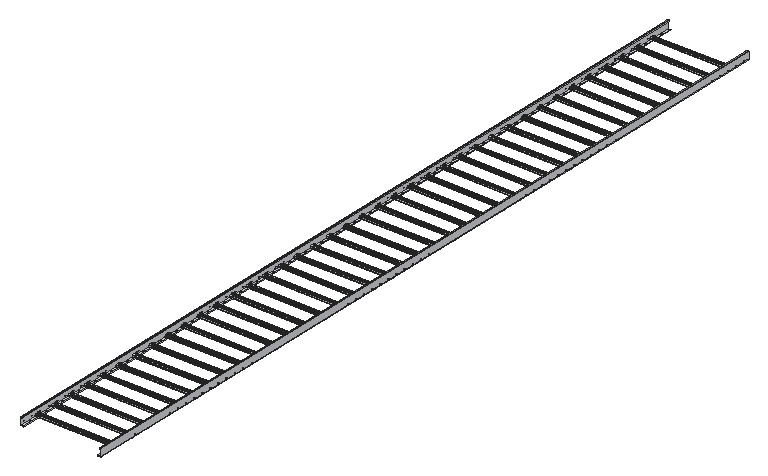
Revit family "Kabelleiter LG 60, 6 m VS FT", category Generic Models, Revit 2017 (continued)
Dimensions and locks
  locked: plane 268 to Extrusion 52 sketch curve at 0
  locked: plane 270 to Extrusion 53 sketch curve at 4.5
  locked: plane 270 to Extrusion 53 sketch curve at 0
  locked: plane 272 to Extrusion 54 sketch curve at 4.5
  locked: plane 272 to Extrusion 54 sketch curve at 0
  locked: plane 274 to Extrusion 55 sketch curve at 4.5
  locked: plane 274 to Extrusion 55 sketch curve at 0
  locked: plane 276 to Extrusion 56 sketch curve at 4.5
  locked: plane 276 to Extrusion 56 sketch curve at 0
  locked: plane 278 to Extrusion 57 sketch curve at 4.5
  locked: plane 278 to Extrusion 57 sketch curve at 0
  locked: plane 280 to Extrusion 58 sketch curve at 4.5
  locked: plane 280 to Extrusion 58 sketch curve at 0
  locked: plane 282 to Extrusion 59 sketch curve at 4.5
  locked: plane 282 to Extrusion 59 sketch curve at 0
  locked: plane 284 to Extrusion 60 sketch curve at 4.5
  locked: plane 284 to Extrusion 60 sketch curve at 0
  locked: plane 286 to Extrusion 61 sketch curve at 4.5
  locked: plane 286 to Extrusion 61 sketch curve at 0
  locked: plane 288 to Extrusion 62 sketch curve at 4.5
  locked: plane 288 to Extrusion 62 sketch curve at 0
  locked: plane 290 to Extrusion 63 sketch curve at 4.5
  locked: plane 290 to Extrusion 63 sketch curve at 0
  locked: plane 292 to Extrusion 64 sketch curve at 4.5
  locked: plane 292 to Extrusion 64 sketch curve at 0
  locked: plane 294 to Extrusion 65 sketch curve at 4.5
  locked: plane 294 to Extrusion 65 sketch curve at 0
  locked: plane 296 to Extrusion 66 sketch curve at 4.5
  locked: plane 296 to Extrusion 66 sketch curve at 0
  locked: plane 298 to Extrusion 67 sketch curve at 4.5
  locked: plane 298 to Extrusion 67 sketch curve at 0
  locked: plane 300 to Extrusion 68 sketch curve at 4.5
  locked: plane 300 to Extrusion 68 sketch curve at 0
  locked: plane 302 to Extrusion 69 sketch curve at 4.5
  locked: plane 302 to Extrusion 69 sketch curve at 0
  locked: plane 304 to Extrusion 70 sketch curve at 4.5
  locked: plane 304 to Extrusion 70 sketch curve at 0
  locked: plane 306 to Extrusion 71 sketch curve at 4.5
  locked: plane 306 to Extrusion 71 sketch curve at 0
  locked: plane 308 to Extrusion 72 sketch curve at 4.5
  locked: plane 308 to Extrusion 72 sketch curve at 0
  locked: plane 310 to Extrusion 73 sketch curve at 4.5
  locked: plane 310 to Extrusion 73 sketch curve at 0
  locked: plane 312 to Extrusion 74 sketch curve at 4.5
  locked: plane 312 to Extrusion 74 sketch curve at 0
  locked: plane 314 to Extrusion 75 sketch curve at 4.5
  locked: plane 314 to Extrusion 75 sketch curve at 0
  locked: plane 316 to Extrusion 76 sketch curve at 4.5
  locked: plane 316 to Extrusion 76 sketch curve at 0
  locked: plane 318 to Extrusion 77 sketch curve at 4.5
  locked: plane 318 to Extrusion 77 sketch curve at 0
  locked: plane 320 to Extrusion 78 sketch curve at 4.5
  locked: plane 320 to Extrusion 78 sketch curve at 0
  locked: plane 322 to Extrusion 79 sketch curve at 4.5
  locked: plane 322 to Extrusion 79 sketch curve at 0
  locked: plane 324 to Extrusion 80 sketch curve at 4.5
  locked: plane 324 to Extrusion 80 sketch curve at 0
  locked: plane 326 to Extrusion 81 sketch curve at 4.5
  locked: plane 326 to Extrusion 81 sketch curve at 0
  locked: plane 327 to plane 328 at 16.5
  locked: plane 330 to Extrusion 82 sketch curve at 4.5
  locked: plane 330 to Extrusion 82 sketch curve at 0
  group 77 to group 78 = 567.045 mm
  group 77 to group 78 = 0 mm  (x2)
  locked: plane 332 to Extrusion 83 sketch curve at 4.5
  locked: plane 332 to Extrusion 83 sketch curve at 0
  group 39 to group 79 = 567.045 mm
  group 39 to group 79 = 0 mm  (x2)
  locked: plane 334 to Extrusion 84 sketch curve at 4.5
  locked: plane 334 to Extrusion 84 sketch curve at 0
  group 40 to group 80 = 567.045 mm
  group 40 to group 80 = 0 mm  (x2)
  locked: plane 336 to Extrusion 85 sketch curve at 4.5
  locked: plane 336 to Extrusion 85 sketch curve at 0
  group 41 to group 81 = 567.045 mm
  group 41 to group 81 = 0 mm  (x2)
  locked: plane 338 to Extrusion 86 sketch curve at 4.5
  locked: plane 338 to Extrusion 86 sketch curve at 0
  group 42 to group 82 = 567.045 mm
  group 42 to group 82 = 0 mm  (x2)
  locked: plane 340 to Extrusion 87 sketch curve at 4.5
  locked: plane 340 to Extrusion 87 sketch curve at 0
  group 43 to group 83 = 567.045 mm
  group 43 to group 83 = 0 mm  (x2)
  locked: plane 342 to Extrusion 88 sketch curve at 4.5
  locked: plane 342 to Extrusion 88 sketch curve at 0
  group 44 to group 84 = 567.045 mm
  group 44 to group 84 = 0 mm  (x2)
  locked: plane 344 to Extrusion 89 sketch curve at 4.5
  locked: plane 344 to Extrusion 89 sketch curve at 0
  group 45 to group 85 = 567.045 mm
  group 45 to group 85 = 0 mm  (x2)
  locked: plane 346 to Extrusion 90 sketch curve at 4.5
  locked: plane 346 to Extrusion 90 sketch curve at 0
  group 46 to group 86 = 567.045 mm
  group 46 to group 86 = 0 mm  (x2)
  locked: plane 348 to Extrusion 91 sketch curve at 4.5
  locked: plane 348 to Extrusion 91 sketch curve at 0
  group 47 to group 87 = 567.045 mm
  group 47 to group 87 = 0 mm  (x2)
  locked: plane 350 to Extrusion 92 sketch curve at 4.5
  locked: plane 350 to Extrusion 92 sketch curve at 0
  group 48 to group 88 = 567.045 mm
  group 48 to group 88 = 0 mm  (x2)
  locked: plane 352 to Extrusion 93 sketch curve at 4.5
  locked: plane 352 to Extrusion 93 sketch curve at 0
  group 49 to group 89 = 567.045 mm
  group 49 to group 89 = 0 mm  (x2)
  locked: plane 354 to Extrusion 94 sketch curve at 4.5
  locked: plane 354 to Extrusion 94 sketch curve at 0
  group 50 to group 90 = 567.045 mm
  group 50 to group 90 = 0 mm  (x2)
  locked: plane 356 to Extrusion 95 sketch curve at 4.5
  locked: plane 356 to Extrusion 95 sketch curve at 0
  group 51 to group 91 = 568.545 mm
  group 51 to group 91 = 0 mm  (x2)
  locked: plane 358 to Extrusion 96 sketch curve at 4.5
  locked: plane 358 to Extrusion 96 sketch curve at 0
  locked: plane 360 to Extrusion 97 sketch curve at 4.5
  locked: plane 360 to Extrusion 97 sketch curve at 0
  locked: plane 362 to Extrusion 98 sketch curve at 4.5
  locked: plane 362 to Extrusion 98 sketch curve at 0
  locked: plane 364 to Extrusion 99 sketch curve at 4.5
  locked: plane 364 to Extrusion 99 sketch curve at 0
  locked: plane 366 to Extrusion 100 sketch curve at 4.5
  locked: plane 366 to Extrusion 100 sketch curve at 0
  locked: plane 368 to Extrusion 101 sketch curve at 4.5
  locked: plane 368 to Extrusion 101 sketch curve at 0
  locked: plane 370 to Extrusion 102 sketch curve at 4.5
  locked: plane 370 to Extrusion 102 sketch curve at 0
  locked: plane 372 to Extrusion 103 sketch curve at 4.5
  locked: plane 372 to Extrusion 103 sketch curve at 0
  locked: plane 374 to Extrusion 104 sketch curve at 4.5
  locked: plane 374 to Extrusion 104 sketch curve at 0
  locked: plane 376 to Extrusion 105 sketch curve at 4.5
  locked: plane 376 to Extrusion 105 sketch curve at 0
  locked: plane 378 to Extrusion 106 sketch curve at 4.5
  locked: plane 378 to Extrusion 106 sketch curve at 0
  group 92 to group 104 = 566.995 mm
  group 92 to group 104 = 0 mm  (x2)
  locked: plane 380 to Extrusion 107 sketch curve at 4.5
  locked: plane 380 to Extrusion 107 sketch curve at 0
  locked: plane 382 to Extrusion 108 sketch curve at 4.5
  locked: plane 382 to Extrusion 108 sketch curve at 0
  locked: plane 384 to Extrusion 109 sketch curve at 4.5
  locked: plane 384 to Extrusion 109 sketch curve at 0
  locked: plane 386 to Extrusion 110 sketch curve at 4.5
  locked: plane 386 to Extrusion 110 sketch curve at 0
  locked: plane 388 to Extrusion 111 sketch curve at 4.5
  locked: plane 388 to Extrusion 111 sketch curve at 0
  locked: plane 390 to Extrusion 112 sketch curve at 4.5
  locked: plane 390 to Extrusion 112 sketch curve at 0
  locked: plane 392 to Extrusion 113 sketch curve at 4.5
  locked: plane 392 to Extrusion 113 sketch curve at 0
  locked: plane 394 to Extrusion 114 sketch curve at 4.5
  locked: plane 394 to Extrusion 114 sketch curve at 0
  locked: plane 396 to Extrusion 115 sketch curve at 4.5
  locked: plane 396 to Extrusion 115 sketch curve at 0
  locked: plane 398 to Extrusion 116 sketch curve at 4.5
  locked: plane 398 to Extrusion 116 sketch curve at 0
  locked: plane 400 to Extrusion 117 sketch curve at 4.5
  locked: plane 400 to Extrusion 117 sketch curve at 0
  locked: plane 402 to Extrusion 118 sketch curve at 4.5
  locked: plane 402 to Extrusion 118 sketch curve at 0
  locked: plane 404 to Extrusion 119 sketch curve at 4.5
  locked: plane 404 to Extrusion 119 sketch curve at 0
  locked: plane 406 to Extrusion 120 sketch curve at 4.5
  locked: plane 406 to Extrusion 120 sketch curve at 0
  locked: plane 408 to Extrusion 121 sketch curve at 4.5
  locked: plane 408 to Extrusion 121 sketch curve at 0
  group 105 to group 121 = 567.045 mm
  group 105 to group 121 = 0 mm  (x2)
  locked: Extrusion 122 sketch curve to Extrusion 122 sketch curve at 28
  locked: Extrusion 122 sketch curve to plane 409 at 14
  locked: Extrusion 122 sketch curve to Extrusion 122 sketch curve at 9
  locked: plane 410 to Extrusion 122 sketch curve at 4.5
  locked: Extrusion 123 sketch curve to Extrusion 123 sketch curve at 28
  locked: Extrusion 123 sketch curve to plane 411 at 14
  locked: Extrusion 123 sketch curve to Extrusion 123 sketch curve at 9
  locked: plane 412 to Extrusion 123 sketch curve at 4.5
  equal spacing: group 122, group 123, group 124, group 125, group 126, group 127, group 128, group 129, group 130, group 131, group 132, group 133, group 134, group 135, group 136, group 137, group 138, group 139, group 140, group 141, group 142, group 143, group 144, group 145, group 146, group 147, group 148, group 149, group 150, group 151, group 152, group 153, group 154, group 155, group 156, group 157, group 158, group 159, group 160, group 161, group 162, group 163, group 164, group 165, group 166, group 167, group 168, group 169, group 170, group 171, group 172, group 173, group 174, group 175, group 176, group 177, group 178, group 179, group 180, group 181, group 182, group 183, group 184, group 185, group 186, group 187, group 188, group 189, group 190, group 191, group 192, group 193, group 194, group 195, group 196, group 197, group 198, group 199, group 200, group 201  (x3)
  locked: cut or joined group 1 (Extrusion 1, Extrusion 41, Extrusion 42, Extrusion 43, Extrusion 44, Extrusion 45, Extrusion 46, Extrusion 47, Extrusion 48, Extrusion 49, Extrusion 50, Extrusion 51, Extrusion 52, Extrusion 53, Extrusion 54, Extrusion 55, Extrusion 56, Extrusion 57, Extrusion 58, Extrusion 59, Extrusion 60, Extrusion 61, Extrusion 62, Extrusion 63, Extrusion 64, Extrusion 65, Extrusion 66, Extrusion 67, Extrusion 68, Extrusion 69, Extrusion 70, Extrusion 71, Extrusion 72, Extrusion 73, Extrusion 74, Extrusion 75, Extrusion 76, Extrusion 77, Extrusion 78, Extrusion 79, Extrusion 80, Extrusion 81, Extrusion 82, Extrusion 83, Extrusion 84, Extrusion 85, Extrusion 86, Extrusion 87, Extrusion 88, Extrusion 89, Extrusion 90, Extrusion 91, Extrusion 92, Extrusion 93, Extrusion 94, Extrusion 95, Extrusion 97, Extrusion 98, Extrusion 99, Extrusion 100, Extrusion 101, Extrusion 102, Extrusion 103, Extrusion 104, Extrusion 105, Extrusion 106, Extrusion 107, Extrusion 108, Extrusion 109, Extrusion 110, Extrusion 111, Extrusion 112, Extrusion 113, Extrusion 114, Extrusion 115, Extrusion 116, Extrusion 117, Extrusion 118, Extrusion 119, Extrusion 120, Extrusion 121, Extrusion 122, Extrusion 123, Extrusion 124, Extrusion 125, Extrusion 126, Extrusion 127, Extrusion 128, Extrusion 129, Extrusion 130, Extrusion 131, Extrusion 132, Extrusion 133, Extrusion 134, Extrusion 135, Extrusion 136, Extrusion 137, Extrusion 138, Extrusion 139, Extrusion 140, Extrusion 141, Extrusion 142, Extrusion 143, Extrusion 144, Extrusion 145, Extrusion 146, Extrusion 147, Extrusion 148, Extrusion 149, Extrusion 150, Extrusion 151, Extrusion 152, Extrusion 153, Extrusion 154, Extrusion 155, Extrusion 156, Extrusion 157, Extrusion 158, Extrusion 159, Extrusion 160, Extrusion 161, Extrusion 162, Extrusion 163, Extrusion 164, Extrusion 165, Extrusion 166, Extrusion 167, Extrusion 168, Extrusion 169, Extrusion 170, Extrusion 171, Extrusion 172, Extrusion 173, Extrusion 174, Extrusion 175, Extrusion 176, Extrusion 177, Extrusion 178, Extrusion 179, Extrusion 180, Extrusion 181, Extrusion 182, Extrusion 183, Extrusion 184, Extrusion 185, Extrusion 186, Extrusion 187, Extrusion 188, Extrusion 189, Extrusion 190, Extrusion 191, Extrusion 192, Extrusion 193, Extrusion 194, Extrusion 195, Extrusion 196, Extrusion 197, Extrusion 198, Extrusion 199, Extrusion 200, Extrusion 201, Extrusion 202, Extrusion 203, Extrusion 204, Extrusion 205, Extrusion 206, Extrusion 207, Extrusion 208, Extrusion 209, Extrusion 210, Extrusion 211, Extrusion 212, Extrusion 213, Extrusion 214, Extrusion 215, Extrusion 216, Extrusion 217, Extrusion 218, Extrusion 219, Extrusion 220, Extrusion 221, Extrusion 222, Extrusion 223, Extrusion 224, Extrusion 225, Extrusion 226, Extrusion 227, Extrusion 228, Extrusion 229, Extrusion 230, Extrusion 231, Extrusion 232, Extrusion 233, Extrusion 234, Extrusion 235, Extrusion 236, Extrusion 237, Extrusion 238, Extrusion 239, Extrusion 240, Extrusion 241, Extrusion 242, Extrusion 243, Extrusion 244, Extrusion 245, Extrusion 246, Extrusion 247, Extrusion 248, Extrusion 249, Extrusion 250, Extrusion 251, Extrusion 252, Extrusion 253, Extrusion 254, Extrusion 255, Extrusion 256, Extrusion 257, Extrusion 258, Extrusion 259, Extrusion 260, Extrusion 261, Extrusion 262, Extrusion 263, Extrusion 264, Extrusion 265, Extrusion 266, Extrusion 267, Extrusion 268, Extrusion 269, Extrusion 270, Extrusion 271, Extrusion 272, Extrusion 273, Extrusion 274, Extrusion 275, Extrusion 276, Extrusion 277, Extrusion 278, Extrusion 279, Extrusion 280, Extrusion 281) to cut or joined group 1 at 47
  locked: cut or joined group 1 to cut or joined group 1 at 8
  locked: Extrusion 124 sketch curve to Extrusion 124 sketch curve at 28
  locked: Extrusion 124 sketch curve to plane 413 at 14
  locked: Extrusion 124 sketch curve to Extrusion 124 sketch curve at 9
  locked: plane 414 to Extrusion 124 sketch curve at 4.5
  locked: Extrusion 125 sketch curve to Extrusion 125 sketch curve at 28
  locked: Extrusion 125 sketch curve to plane 415 at 14
  locked: Extrusion 125 sketch curve to Extrusion 125 sketch curve at 9
  locked: plane 416 to Extrusion 125 sketch curve at 4.5
  locked: Extrusion 126 sketch curve to Extrusion 126 sketch curve at 28
  locked: Extrusion 126 sketch curve to plane 417 at 14
  locked: Extrusion 126 sketch curve to Extrusion 126 sketch curve at 9
  locked: plane 418 to Extrusion 126 sketch curve at 4.5
  locked: Extrusion 127 sketch curve to Extrusion 127 sketch curve at 28
  locked: Extrusion 127 sketch curve to plane 419 at 14
  locked: Extrusion 127 sketch curve to Extrusion 127 sketch curve at 9
  locked: plane 420 to Extrusion 127 sketch curve at 4.5
  locked: Extrusion 128 sketch curve to Extrusion 128 sketch curve at 28
  locked: Extrusion 128 sketch curve to plane 421 at 14
  locked: Extrusion 128 sketch curve to Extrusion 128 sketch curve at 9
  locked: plane 422 to Extrusion 128 sketch curve at 4.5
  locked: Extrusion 129 sketch curve to Extrusion 129 sketch curve at 28
  locked: Extrusion 129 sketch curve to plane 423 at 14
  locked: Extrusion 129 sketch curve to Extrusion 129 sketch curve at 9
  locked: plane 424 to Extrusion 129 sketch curve at 4.5
  locked: Extrusion 130 sketch curve to Extrusion 130 sketch curve at 28
  locked: Extrusion 130 sketch curve to plane 425 at 14
  locked: Extrusion 130 sketch curve to Extrusion 130 sketch curve at 9
  locked: plane 426 to Extrusion 130 sketch curve at 4.5
  locked: Extrusion 131 sketch curve to Extrusion 131 sketch curve at 28
  locked: Extrusion 131 sketch curve to plane 427 at 14
  locked: Extrusion 131 sketch curve to Extrusion 131 sketch curve at 9
  locked: plane 428 to Extrusion 131 sketch curve at 4.5
  locked: Extrusion 132 sketch curve to Extrusion 132 sketch curve at 28
  locked: Extrusion 132 sketch curve to plane 429 at 14
  locked: Extrusion 132 sketch curve to Extrusion 132 sketch curve at 9
  locked: plane 430 to Extrusion 132 sketch curve at 4.5
  locked: Extrusion 133 sketch curve to Extrusion 133 sketch curve at 28
  locked: Extrusion 133 sketch curve to plane 431 at 14
  locked: Extrusion 133 sketch curve to Extrusion 133 sketch curve at 9
  locked: plane 432 to Extrusion 133 sketch curve at 4.5
  locked: Extrusion 134 sketch curve to Extrusion 134 sketch curve at 28
  locked: Extrusion 134 sketch curve to plane 433 at 14
  locked: Extrusion 134 sketch curve to Extrusion 134 sketch curve at 9
  locked: plane 434 to Extrusion 134 sketch curve at 4.5
  locked: Extrusion 135 sketch curve to Extrusion 135 sketch curve at 28
  locked: Extrusion 135 sketch curve to plane 435 at 14
  locked: Extrusion 135 sketch curve to Extrusion 135 sketch curve at 9
  locked: plane 436 to Extrusion 135 sketch curve at 4.5
  locked: Extrusion 136 sketch curve to Extrusion 136 sketch curve at 28
  locked: Extrusion 136 sketch curve to plane 437 at 14
  locked: Extrusion 136 sketch curve to Extrusion 136 sketch curve at 9
  locked: plane 438 to Extrusion 136 sketch curve at 4.5
  locked: Extrusion 137 sketch curve to Extrusion 137 sketch curve at 28
  locked: Extrusion 137 sketch curve to plane 439 at 14
  locked: Extrusion 137 sketch curve to Extrusion 137 sketch curve at 9
  locked: plane 440 to Extrusion 137 sketch curve at 4.5
  locked: Extrusion 138 sketch curve to Extrusion 138 sketch curve at 28
  locked: Extrusion 138 sketch curve to plane 441 at 14
  locked: Extrusion 138 sketch curve to Extrusion 138 sketch curve at 9
  locked: plane 442 to Extrusion 138 sketch curve at 4.5
  locked: Extrusion 139 sketch curve to Extrusion 139 sketch curve at 28
  locked: Extrusion 139 sketch curve to plane 443 at 14
  locked: Extrusion 139 sketch curve to Extrusion 139 sketch curve at 9
  locked: plane 444 to Extrusion 139 sketch curve at 4.5
  locked: Extrusion 140 sketch curve to Extrusion 140 sketch curve at 28
  locked: Extrusion 140 sketch curve to plane 445 at 14
  locked: Extrusion 140 sketch curve to Extrusion 140 sketch curve at 9
  locked: plane 446 to Extrusion 140 sketch curve at 4.5
  locked: Extrusion 141 sketch curve to Extrusion 141 sketch curve at 28
  locked: Extrusion 141 sketch curve to plane 447 at 14
  locked: Extrusion 141 sketch curve to Extrusion 141 sketch curve at 9
  locked: plane 448 to Extrusion 141 sketch curve at 4.5
  locked: Extrusion 142 sketch curve to Extrusion 142 sketch curve at 28
  locked: Extrusion 142 sketch curve to plane 449 at 14
  locked: Extrusion 142 sketch curve to Extrusion 142 sketch curve at 9
  locked: plane 450 to Extrusion 142 sketch curve at 4.5
  locked: Extrusion 143 sketch curve to Extrusion 143 sketch curve at 28
  locked: Extrusion 143 sketch curve to plane 451 at 14
  locked: Extrusion 143 sketch curve to Extrusion 143 sketch curve at 9
  locked: plane 452 to Extrusion 143 sketch curve at 4.5
  locked: Extrusion 144 sketch curve to Extrusion 144 sketch curve at 28
  locked: Extrusion 144 sketch curve to plane 453 at 14
  locked: Extrusion 144 sketch curve to Extrusion 144 sketch curve at 9
  locked: plane 454 to Extrusion 144 sketch curve at 4.5
  locked: Extrusion 145 sketch curve to Extrusion 145 sketch curve at 28
  locked: Extrusion 145 sketch curve to plane 455 at 14
  locked: Extrusion 145 sketch curve to Extrusion 145 sketch curve at 9
  locked: plane 456 to Extrusion 145 sketch curve at 4.5
  locked: Extrusion 146 sketch curve to Extrusion 146 sketch curve at 28
  locked: Extrusion 146 sketch curve to plane 457 at 14
  locked: Extrusion 146 sketch curve to Extrusion 146 sketch curve at 9
  locked: plane 458 to Extrusion 146 sketch curve at 4.5
  locked: Extrusion 147 sketch curve to Extrusion 147 sketch curve at 28
  locked: Extrusion 147 sketch curve to plane 459 at 14
  locked: Extrusion 147 sketch curve to Extrusion 147 sketch curve at 9
  locked: plane 460 to Extrusion 147 sketch curve at 4.5
  locked: Extrusion 148 sketch curve to Extrusion 148 sketch curve at 28
  locked: Extrusion 148 sketch curve to plane 461 at 14
  locked: Extrusion 148 sketch curve to Extrusion 148 sketch curve at 9
  locked: plane 462 to Extrusion 148 sketch curve at 4.5
  locked: Extrusion 149 sketch curve to Extrusion 149 sketch curve at 28
  locked: Extrusion 149 sketch curve to plane 463 at 14
  locked: Extrusion 149 sketch curve to Extrusion 149 sketch curve at 9
  locked: plane 464 to Extrusion 149 sketch curve at 4.5
  locked: Extrusion 150 sketch curve to Extrusion 150 sketch curve at 28
  locked: Extrusion 150 sketch curve to plane 465 at 14
  locked: Extrusion 150 sketch curve to Extrusion 150 sketch curve at 9
  locked: plane 466 to Extrusion 150 sketch curve at 4.5
  locked: Extrusion 151 sketch curve to Extrusion 151 sketch curve at 28
  locked: Extrusion 151 sketch curve to plane 467 at 14
  locked: Extrusion 151 sketch curve to Extrusion 151 sketch curve at 9
  locked: plane 468 to Extrusion 151 sketch curve at 4.5
  locked: Extrusion 152 sketch curve to Extrusion 152 sketch curve at 28
  locked: Extrusion 152 sketch curve to plane 469 at 14
  locked: Extrusion 152 sketch curve to Extrusion 152 sketch curve at 9
  locked: plane 470 to Extrusion 152 sketch curve at 4.5
  locked: Extrusion 153 sketch curve to Extrusion 153 sketch curve at 28
  locked: Extrusion 153 sketch curve to plane 471 at 14
  locked: Extrusion 153 sketch curve to Extrusion 153 sketch curve at 9
  locked: plane 472 to Extrusion 153 sketch curve at 4.5
  locked: Extrusion 154 sketch curve to Extrusion 154 sketch curve at 28
  locked: Extrusion 154 sketch curve to plane 473 at 14
  locked: Extrusion 154 sketch curve to Extrusion 154 sketch curve at 9
  locked: plane 474 to Extrusion 154 sketch curve at 4.5
  locked: Extrusion 155 sketch curve to Extrusion 155 sketch curve at 28
  locked: Extrusion 155 sketch curve to plane 475 at 14
  locked: Extrusion 155 sketch curve to Extrusion 155 sketch curve at 9
  locked: plane 476 to Extrusion 155 sketch curve at 4.5
  locked: Extrusion 156 sketch curve to Extrusion 156 sketch curve at 28
  locked: Extrusion 156 sketch curve to plane 477 at 14
  locked: Extrusion 156 sketch curve to Extrusion 156 sketch curve at 9
  locked: plane 478 to Extrusion 156 sketch curve at 4.5
  locked: Extrusion 157 sketch curve to Extrusion 157 sketch curve at 28
  locked: Extrusion 157 sketch curve to plane 479 at 14
  locked: Extrusion 157 sketch curve to Extrusion 157 sketch curve at 9
  locked: plane 480 to Extrusion 157 sketch curve at 4.5
  locked: Extrusion 158 sketch curve to Extrusion 158 sketch curve at 28
  locked: Extrusion 158 sketch curve to plane 481 at 14
  locked: Extrusion 158 sketch curve to Extrusion 158 sketch curve at 9
  locked: plane 482 to Extrusion 158 sketch curve at 4.5
  locked: Extrusion 159 sketch curve to Extrusion 159 sketch curve at 28
  locked: Extrusion 159 sketch curve to plane 483 at 14
  locked: Extrusion 159 sketch curve to Extrusion 159 sketch curve at 9
  locked: plane 484 to Extrusion 159 sketch curve at 4.5
  locked: Extrusion 160 sketch curve to Extrusion 160 sketch curve at 28
  locked: Extrusion 160 sketch curve to plane 485 at 14
  locked: Extrusion 160 sketch curve to Extrusion 160 sketch curve at 9
  locked: plane 486 to Extrusion 160 sketch curve at 4.5
  locked: Extrusion 161 sketch curve to Extrusion 161 sketch curve at 28
  locked: Extrusion 161 sketch curve to plane 487 at 14
  locked: Extrusion 161 sketch curve to Extrusion 161 sketch curve at 9
  locked: plane 488 to Extrusion 161 sketch curve at 4.5
  locked: Extrusion 162 sketch curve to Extrusion 162 sketch curve at 28
  locked: Extrusion 162 sketch curve to plane 489 at 14
  locked: Extrusion 162 sketch curve to Extrusion 162 sketch curve at 9
  locked: plane 490 to Extrusion 162 sketch curve at 4.5
  locked: Extrusion 163 sketch curve to Extrusion 163 sketch curve at 28
  locked: Extrusion 163 sketch curve to plane 491 at 14
  locked: Extrusion 163 sketch curve to Extrusion 163 sketch curve at 9
  locked: plane 492 to Extrusion 163 sketch curve at 4.5
  locked: Extrusion 164 sketch curve to Extrusion 164 sketch curve at 28
  locked: Extrusion 164 sketch curve to plane 493 at 14
  locked: Extrusion 164 sketch curve to Extrusion 164 sketch curve at 9
  locked: plane 494 to Extrusion 164 sketch curve at 4.5
  locked: Extrusion 165 sketch curve to Extrusion 165 sketch curve at 28
  locked: Extrusion 165 sketch curve to plane 495 at 14
  locked: Extrusion 165 sketch curve to Extrusion 165 sketch curve at 9
  locked: plane 496 to Extrusion 165 sketch curve at 4.5
  locked: Extrusion 166 sketch curve to Extrusion 166 sketch curve at 28
  locked: Extrusion 166 sketch curve to plane 497 at 14
  locked: Extrusion 166 sketch curve to Extrusion 166 sketch curve at 9
  locked: plane 498 to Extrusion 166 sketch curve at 4.5
  locked: Extrusion 167 sketch curve to Extrusion 167 sketch curve at 28
  locked: Extrusion 167 sketch curve to plane 499 at 14
  locked: Extrusion 167 sketch curve to Extrusion 167 sketch curve at 9
  locked: plane 500 to Extrusion 167 sketch curve at 4.5
  locked: Extrusion 168 sketch curve to Extrusion 168 sketch curve at 28
  locked: Extrusion 168 sketch curve to plane 501 at 14
  locked: Extrusion 168 sketch curve to Extrusion 168 sketch curve at 9
  locked: plane 502 to Extrusion 168 sketch curve at 4.5
  locked: Extrusion 169 sketch curve to Extrusion 169 sketch curve at 28
  locked: Extrusion 169 sketch curve to plane 503 at 14
  locked: Extrusion 169 sketch curve to Extrusion 169 sketch curve at 9
  locked: plane 504 to Extrusion 169 sketch curve at 4.5
  locked: Extrusion 170 sketch curve to Extrusion 170 sketch curve at 28
  locked: Extrusion 170 sketch curve to plane 505 at 14
  locked: Extrusion 170 sketch curve to Extrusion 170 sketch curve at 9
  locked: plane 506 to Extrusion 170 sketch curve at 4.5
  locked: Extrusion 171 sketch curve to Extrusion 171 sketch curve at 28
  locked: Extrusion 171 sketch curve to plane 507 at 14
  locked: Extrusion 171 sketch curve to Extrusion 171 sketch curve at 9
  locked: plane 508 to Extrusion 171 sketch curve at 4.5
  locked: Extrusion 172 sketch curve to Extrusion 172 sketch curve at 28
  locked: Extrusion 172 sketch curve to plane 509 at 14
  locked: Extrusion 172 sketch curve to Extrusion 172 sketch curve at 9
  locked: plane 510 to Extrusion 172 sketch curve at 4.5
  locked: Extrusion 173 sketch curve to Extrusion 173 sketch curve at 28
  locked: Extrusion 173 sketch curve to plane 511 at 14
  locked: Extrusion 173 sketch curve to Extrusion 173 sketch curve at 9
  locked: plane 512 to Extrusion 173 sketch curve at 4.5
  locked: Extrusion 174 sketch curve to Extrusion 174 sketch curve at 28
  locked: Extrusion 174 sketch curve to plane 513 at 14
  locked: Extrusion 174 sketch curve to Extrusion 174 sketch curve at 9
  locked: plane 514 to Extrusion 174 sketch curve at 4.5
  locked: Extrusion 175 sketch curve to Extrusion 175 sketch curve at 28
  locked: Extrusion 175 sketch curve to plane 515 at 14
  locked: Extrusion 175 sketch curve to Extrusion 175 sketch curve at 9
  locked: plane 516 to Extrusion 175 sketch curve at 4.5
  locked: Extrusion 176 sketch curve to Extrusion 176 sketch curve at 28
  locked: Extrusion 176 sketch curve to plane 517 at 14
  locked: Extrusion 176 sketch curve to Extrusion 176 sketch curve at 9
  locked: plane 518 to Extrusion 176 sketch curve at 4.5
  locked: Extrusion 177 sketch curve to Extrusion 177 sketch curve at 28
  locked: Extrusion 177 sketch curve to plane 519 at 14
  locked: Extrusion 177 sketch curve to Extrusion 177 sketch curve at 9
  locked: plane 520 to Extrusion 177 sketch curve at 4.5
  locked: Extrusion 178 sketch curve to Extrusion 178 sketch curve at 28
  locked: Extrusion 178 sketch curve to plane 521 at 14
  locked: Extrusion 178 sketch curve to Extrusion 178 sketch curve at 9
  locked: plane 522 to Extrusion 178 sketch curve at 4.5
  locked: Extrusion 179 sketch curve to Extrusion 179 sketch curve at 28
  locked: Extrusion 179 sketch curve to plane 523 at 14
  locked: Extrusion 179 sketch curve to Extrusion 179 sketch curve at 9
  locked: plane 524 to Extrusion 179 sketch curve at 4.5
  locked: Extrusion 180 sketch curve to Extrusion 180 sketch curve at 28
  locked: Extrusion 180 sketch curve to plane 525 at 14
  locked: Extrusion 180 sketch curve to Extrusion 180 sketch curve at 9
  locked: plane 526 to Extrusion 180 sketch curve at 4.5
  locked: Extrusion 181 sketch curve to Extrusion 181 sketch curve at 28
  locked: Extrusion 181 sketch curve to plane 527 at 14
  locked: Extrusion 181 sketch curve to Extrusion 181 sketch curve at 9
  locked: plane 528 to Extrusion 181 sketch curve at 4.5
  locked: Extrusion 182 sketch curve to Extrusion 182 sketch curve at 28
  locked: Extrusion 182 sketch curve to plane 529 at 14
  locked: Extrusion 182 sketch curve to Extrusion 182 sketch curve at 9
  locked: plane 530 to Extrusion 182 sketch curve at 4.5
  locked: Extrusion 183 sketch curve to Extrusion 183 sketch curve at 28
  locked: Extrusion 183 sketch curve to plane 531 at 14
  locked: Extrusion 183 sketch curve to Extrusion 183 sketch curve at 9
  locked: plane 532 to Extrusion 183 sketch curve at 4.5
  locked: Extrusion 184 sketch curve to Extrusion 184 sketch curve at 28
  locked: Extrusion 184 sketch curve to plane 533 at 14
  locked: Extrusion 184 sketch curve to Extrusion 184 sketch curve at 9
  locked: plane 534 to Extrusion 184 sketch curve at 4.5
  locked: Extrusion 185 sketch curve to Extrusion 185 sketch curve at 28
  locked: Extrusion 185 sketch curve to plane 535 at 14
  locked: Extrusion 185 sketch curve to Extrusion 185 sketch curve at 9
  locked: plane 536 to Extrusion 185 sketch curve at 4.5
  locked: Extrusion 186 sketch curve to Extrusion 186 sketch curve at 28
  locked: Extrusion 186 sketch curve to plane 537 at 14
  locked: Extrusion 186 sketch curve to Extrusion 186 sketch curve at 9
  locked: plane 538 to Extrusion 186 sketch curve at 4.5
  locked: Extrusion 187 sketch curve to Extrusion 187 sketch curve at 28
  locked: Extrusion 187 sketch curve to plane 539 at 14
  locked: Extrusion 187 sketch curve to Extrusion 187 sketch curve at 9
  locked: plane 540 to Extrusion 187 sketch curve at 4.5
  locked: Extrusion 188 sketch curve to Extrusion 188 sketch curve at 28
  locked: Extrusion 188 sketch curve to plane 541 at 14
  locked: Extrusion 188 sketch curve to Extrusion 188 sketch curve at 9
  locked: plane 542 to Extrusion 188 sketch curve at 4.5
  locked: Extrusion 189 sketch curve to Extrusion 189 sketch curve at 28
  locked: Extrusion 189 sketch curve to plane 543 at 14
  locked: Extrusion 189 sketch curve to Extrusion 189 sketch curve at 9
  locked: plane 544 to Extrusion 189 sketch curve at 4.5
  locked: Extrusion 190 sketch curve to Extrusion 190 sketch curve at 28
  locked: Extrusion 190 sketch curve to plane 545 at 14
  locked: Extrusion 190 sketch curve to Extrusion 190 sketch curve at 9
  locked: plane 546 to Extrusion 190 sketch curve at 4.5
  locked: Extrusion 191 sketch curve to Extrusion 191 sketch curve at 28
  locked: Extrusion 191 sketch curve to plane 547 at 14
  locked: Extrusion 191 sketch curve to Extrusion 191 sketch curve at 9
  locked: plane 548 to Extrusion 191 sketch curve at 4.5
  locked: Extrusion 192 sketch curve to Extrusion 192 sketch curve at 28
  locked: Extrusion 192 sketch curve to plane 549 at 14
  locked: Extrusion 192 sketch curve to Extrusion 192 sketch curve at 9
  locked: plane 550 to Extrusion 192 sketch curve at 4.5
  locked: Extrusion 193 sketch curve to Extrusion 193 sketch curve at 28
  locked: Extrusion 193 sketch curve to plane 551 at 14
  locked: Extrusion 193 sketch curve to Extrusion 193 sketch curve at 9
  locked: plane 552 to Extrusion 193 sketch curve at 4.5
  locked: Extrusion 194 sketch curve to Extrusion 194 sketch curve at 28
  locked: Extrusion 194 sketch curve to plane 553 at 14
  locked: Extrusion 194 sketch curve to Extrusion 194 sketch curve at 9
  locked: plane 554 to Extrusion 194 sketch curve at 4.5
  locked: Extrusion 195 sketch curve to Extrusion 195 sketch curve at 28
  locked: Extrusion 195 sketch curve to plane 555 at 14
  locked: Extrusion 195 sketch curve to Extrusion 195 sketch curve at 9
  locked: plane 556 to Extrusion 195 sketch curve at 4.5
  locked: Extrusion 196 sketch curve to Extrusion 196 sketch curve at 28
  locked: Extrusion 196 sketch curve to plane 557 at 14
  locked: Extrusion 196 sketch curve to Extrusion 196 sketch curve at 9
  locked: plane 558 to Extrusion 196 sketch curve at 4.5
  locked: Extrusion 197 sketch curve to Extrusion 197 sketch curve at 28
  locked: Extrusion 197 sketch curve to plane 559 at 14
  locked: Extrusion 197 sketch curve to Extrusion 197 sketch curve at 9
  locked: plane 560 to Extrusion 197 sketch curve at 4.5
  locked: Extrusion 198 sketch curve to Extrusion 198 sketch curve at 28
  locked: Extrusion 198 sketch curve to plane 561 at 14
  locked: Extrusion 198 sketch curve to Extrusion 198 sketch curve at 9
  locked: plane 562 to Extrusion 198 sketch curve at 4.5
  locked: Extrusion 199 sketch curve to Extrusion 199 sketch curve at 28
  locked: Extrusion 199 sketch curve to plane 563 at 14
  locked: Extrusion 199 sketch curve to Extrusion 199 sketch curve at 9
  locked: plane 564 to Extrusion 199 sketch curve at 4.5
  locked: Extrusion 200 sketch curve to Extrusion 200 sketch curve at 28
  locked: Extrusion 200 sketch curve to plane 565 at 14
  locked: Extrusion 200 sketch curve to Extrusion 200 sketch curve at 9
  locked: plane 566 to Extrusion 200 sketch curve at 4.5
  locked: Extrusion 201 sketch curve to Extrusion 201 sketch curve at 28
  locked: Extrusion 201 sketch curve to plane 567 at 14
  locked: Extrusion 201 sketch curve to Extrusion 201 sketch curve at 9
  locked: plane 568 to Extrusion 201 sketch curve at 4.5
  locked: Extrusion 202 sketch curve to Extrusion 202 sketch curve at 9
  locked: plane 569 to Extrusion 202 sketch curve at 4.527
  locked: Extrusion 202 sketch curve to Extrusion 202 sketch curve at 28
  locked: Extrusion 202 sketch curve to plane 570 at 14
  locked: Extrusion 203 sketch curve to Extrusion 203 sketch curve at 9
  locked: plane 571 to Extrusion 203 sketch curve at 4.527
  locked: Extrusion 203 sketch curve to Extrusion 203 sketch curve at 28
  locked: Extrusion 203 sketch curve to plane 572 at 14
  equal spacing: group 202, group 203, group 204, group 205, group 206, group 207, group 208, group 209, group 210, group 211, group 212, group 213, group 214, group 215, group 216, group 217, group 218, group 219, group 220, group 221, group 222, group 223, group 224, group 225, group 226, group 227, group 228, group 229, group 230, group 231, group 232, group 233, group 234, group 235, group 236, group 237, group 238, group 239, group 240, group 241, group 242, group 243, group 244, group 245, group 246, group 247, group 248, group 249, group 250, group 251, group 252, group 253, group 254, group 255, group 256, group 257, group 258, group 259, group 260, group 261, group 262, group 263, group 264, group 265, group 266, group 267, group 268, group 269, group 270, group 271, group 272, group 273, group 274, group 275, group 276, group 277, group 278, group 279, group 280, group 281  (x3)
  locked: Extrusion 204 sketch curve to Extrusion 204 sketch curve at 9
  locked: plane 573 to Extrusion 204 sketch curve at 4.527
  locked: Extrusion 204 sketch curve to Extrusion 204 sketch curve at 28
  locked: Extrusion 204 sketch curve to plane 574 at 14
  locked: Extrusion 205 sketch curve to Extrusion 205 sketch curve at 9
  locked: plane 575 to Extrusion 205 sketch curve at 4.527
  locked: Extrusion 205 sketch curve to Extrusion 205 sketch curve at 28
  locked: Extrusion 205 sketch curve to plane 576 at 14
  locked: Extrusion 206 sketch curve to Extrusion 206 sketch curve at 9
  locked: plane 577 to Extrusion 206 sketch curve at 4.527
  locked: Extrusion 206 sketch curve to Extrusion 206 sketch curve at 28
  locked: Extrusion 206 sketch curve to plane 578 at 14
  locked: Extrusion 207 sketch curve to Extrusion 207 sketch curve at 9
  locked: plane 579 to Extrusion 207 sketch curve at 4.527
  locked: Extrusion 207 sketch curve to Extrusion 207 sketch curve at 28
  locked: Extrusion 207 sketch curve to plane 580 at 14
  locked: Extrusion 208 sketch curve to Extrusion 208 sketch curve at 9
  locked: plane 581 to Extrusion 208 sketch curve at 4.527
  locked: Extrusion 208 sketch curve to Extrusion 208 sketch curve at 28
  locked: Extrusion 208 sketch curve to plane 582 at 14
  locked: Extrusion 209 sketch curve to Extrusion 209 sketch curve at 9
  locked: plane 583 to Extrusion 209 sketch curve at 4.527
  locked: Extrusion 209 sketch curve to Extrusion 209 sketch curve at 28
  locked: Extrusion 209 sketch curve to plane 584 at 14
  locked: Extrusion 210 sketch curve to Extrusion 210 sketch curve at 9
  locked: plane 585 to Extrusion 210 sketch curve at 4.527
  locked: Extrusion 210 sketch curve to Extrusion 210 sketch curve at 28
  locked: Extrusion 210 sketch curve to plane 586 at 14
  locked: Extrusion 211 sketch curve to Extrusion 211 sketch curve at 9
  locked: plane 587 to Extrusion 211 sketch curve at 4.527
  locked: Extrusion 211 sketch curve to Extrusion 211 sketch curve at 28
  locked: Extrusion 211 sketch curve to plane 588 at 14
  locked: Extrusion 212 sketch curve to Extrusion 212 sketch curve at 9
  locked: plane 589 to Extrusion 212 sketch curve at 4.527
  locked: Extrusion 212 sketch curve to Extrusion 212 sketch curve at 28
  locked: Extrusion 212 sketch curve to plane 590 at 14
  locked: Extrusion 213 sketch curve to Extrusion 213 sketch curve at 9
  locked: plane 591 to Extrusion 213 sketch curve at 4.527
  locked: Extrusion 213 sketch curve to Extrusion 213 sketch curve at 28
  locked: Extrusion 213 sketch curve to plane 592 at 14
  locked: Extrusion 214 sketch curve to Extrusion 214 sketch curve at 9
  locked: plane 593 to Extrusion 214 sketch curve at 4.527
  locked: Extrusion 214 sketch curve to Extrusion 214 sketch curve at 28
  locked: Extrusion 214 sketch curve to plane 594 at 14
  locked: Extrusion 215 sketch curve to Extrusion 215 sketch curve at 9
  locked: plane 595 to Extrusion 215 sketch curve at 4.527
  locked: Extrusion 215 sketch curve to Extrusion 215 sketch curve at 28
  locked: Extrusion 215 sketch curve to plane 596 at 14
  locked: Extrusion 216 sketch curve to Extrusion 216 sketch curve at 9
  locked: plane 597 to Extrusion 216 sketch curve at 4.527
  locked: Extrusion 216 sketch curve to Extrusion 216 sketch curve at 28
  locked: Extrusion 216 sketch curve to plane 598 at 14
  locked: Extrusion 217 sketch curve to Extrusion 217 sketch curve at 9
  locked: plane 599 to Extrusion 217 sketch curve at 4.527
  locked: Extrusion 217 sketch curve to Extrusion 217 sketch curve at 28
  locked: Extrusion 217 sketch curve to plane 600 at 14
  locked: Extrusion 218 sketch curve to Extrusion 218 sketch curve at 9
  locked: plane 601 to Extrusion 218 sketch curve at 4.527
  locked: Extrusion 218 sketch curve to Extrusion 218 sketch curve at 28
  locked: Extrusion 218 sketch curve to plane 602 at 14
  locked: Extrusion 219 sketch curve to Extrusion 219 sketch curve at 9
  locked: plane 603 to Extrusion 219 sketch curve at 4.527
  locked: Extrusion 219 sketch curve to Extrusion 219 sketch curve at 28
  locked: Extrusion 219 sketch curve to plane 604 at 14
  locked: Extrusion 220 sketch curve to Extrusion 220 sketch curve at 9
  locked: plane 605 to Extrusion 220 sketch curve at 4.527
  locked: Extrusion 220 sketch curve to Extrusion 220 sketch curve at 28
  locked: Extrusion 220 sketch curve to plane 606 at 14
  locked: Extrusion 221 sketch curve to Extrusion 221 sketch curve at 9
  locked: plane 607 to Extrusion 221 sketch curve at 4.527
  locked: Extrusion 221 sketch curve to Extrusion 221 sketch curve at 28
  locked: Extrusion 221 sketch curve to plane 608 at 14
  locked: Extrusion 222 sketch curve to Extrusion 222 sketch curve at 9
  locked: plane 609 to Extrusion 222 sketch curve at 4.527
  locked: Extrusion 222 sketch curve to Extrusion 222 sketch curve at 28
  locked: Extrusion 222 sketch curve to plane 610 at 14
  locked: Extrusion 223 sketch curve to Extrusion 223 sketch curve at 9
  locked: plane 611 to Extrusion 223 sketch curve at 4.527
  locked: Extrusion 223 sketch curve to Extrusion 223 sketch curve at 28
  locked: Extrusion 223 sketch curve to plane 612 at 14
  locked: Extrusion 224 sketch curve to Extrusion 224 sketch curve at 9
  locked: plane 613 to Extrusion 224 sketch curve at 4.527
  locked: Extrusion 224 sketch curve to Extrusion 224 sketch curve at 28
  locked: Extrusion 224 sketch curve to plane 614 at 14
  locked: Extrusion 225 sketch curve to Extrusion 225 sketch curve at 9
  locked: plane 615 to Extrusion 225 sketch curve at 4.527
  locked: Extrusion 225 sketch curve to Extrusion 225 sketch curve at 28
  locked: Extrusion 225 sketch curve to plane 616 at 14
  locked: Extrusion 226 sketch curve to Extrusion 226 sketch curve at 9
  locked: plane 617 to Extrusion 226 sketch curve at 4.527
  locked: Extrusion 226 sketch curve to Extrusion 226 sketch curve at 28
  locked: Extrusion 226 sketch curve to plane 618 at 14
  locked: Extrusion 227 sketch curve to Extrusion 227 sketch curve at 9
  locked: plane 619 to Extrusion 227 sketch curve at 4.527
  locked: Extrusion 227 sketch curve to Extrusion 227 sketch curve at 28
  locked: Extrusion 227 sketch curve to plane 620 at 14
  locked: Extrusion 228 sketch curve to Extrusion 228 sketch curve at 9
  locked: plane 621 to Extrusion 228 sketch curve at 4.527
  locked: Extrusion 228 sketch curve to Extrusion 228 sketch curve at 28
  locked: Extrusion 228 sketch curve to plane 622 at 14
  locked: Extrusion 229 sketch curve to Extrusion 229 sketch curve at 9
  locked: plane 623 to Extrusion 229 sketch curve at 4.527
  locked: Extrusion 229 sketch curve to Extrusion 229 sketch curve at 28
  locked: Extrusion 229 sketch curve to plane 624 at 14
  locked: Extrusion 230 sketch curve to Extrusion 230 sketch curve at 9
  locked: plane 625 to Extrusion 230 sketch curve at 4.527
  locked: Extrusion 230 sketch curve to Extrusion 230 sketch curve at 28
  locked: Extrusion 230 sketch curve to plane 626 at 14
  locked: Extrusion 231 sketch curve to Extrusion 231 sketch curve at 9
  locked: plane 627 to Extrusion 231 sketch curve at 4.527
  locked: Extrusion 231 sketch curve to Extrusion 231 sketch curve at 28
  locked: Extrusion 231 sketch curve to plane 628 at 14
  locked: Extrusion 232 sketch curve to Extrusion 232 sketch curve at 9
  locked: plane 629 to Extrusion 232 sketch curve at 4.527
  locked: Extrusion 232 sketch curve to Extrusion 232 sketch curve at 28
  locked: Extrusion 232 sketch curve to plane 630 at 14
  locked: Extrusion 233 sketch curve to Extrusion 233 sketch curve at 9
  locked: plane 631 to Extrusion 233 sketch curve at 4.527
  locked: Extrusion 233 sketch curve to Extrusion 233 sketch curve at 28
  locked: Extrusion 233 sketch curve to plane 632 at 14
  locked: Extrusion 234 sketch curve to Extrusion 234 sketch curve at 9
  locked: plane 633 to Extrusion 234 sketch curve at 4.527
  locked: Extrusion 234 sketch curve to Extrusion 234 sketch curve at 28
  locked: Extrusion 234 sketch curve to plane 634 at 14
  locked: Extrusion 235 sketch curve to Extrusion 235 sketch curve at 9
  locked: plane 635 to Extrusion 235 sketch curve at 4.527
  locked: Extrusion 235 sketch curve to Extrusion 235 sketch curve at 28
  locked: Extrusion 235 sketch curve to plane 636 at 14
  locked: Extrusion 236 sketch curve to Extrusion 236 sketch curve at 9
  locked: plane 637 to Extrusion 236 sketch curve at 4.527
  locked: Extrusion 236 sketch curve to Extrusion 236 sketch curve at 28
  locked: Extrusion 236 sketch curve to plane 638 at 14
  locked: Extrusion 237 sketch curve to Extrusion 237 sketch curve at 9
  locked: plane 639 to Extrusion 237 sketch curve at 4.527
  locked: Extrusion 237 sketch curve to Extrusion 237 sketch curve at 28
  locked: Extrusion 237 sketch curve to plane 640 at 14
  locked: Extrusion 238 sketch curve to Extrusion 238 sketch curve at 9
  locked: plane 641 to Extrusion 238 sketch curve at 4.527
  locked: Extrusion 238 sketch curve to Extrusion 238 sketch curve at 28
  locked: Extrusion 238 sketch curve to plane 642 at 14
  locked: Extrusion 239 sketch curve to Extrusion 239 sketch curve at 9
  locked: plane 643 to Extrusion 239 sketch curve at 4.527
  locked: Extrusion 239 sketch curve to Extrusion 239 sketch curve at 28
  locked: Extrusion 239 sketch curve to plane 644 at 14
  locked: Extrusion 240 sketch curve to Extrusion 240 sketch curve at 9
  locked: plane 645 to Extrusion 240 sketch curve at 4.527
  locked: Extrusion 240 sketch curve to Extrusion 240 sketch curve at 28
  locked: Extrusion 240 sketch curve to plane 646 at 14
  locked: Extrusion 241 sketch curve to Extrusion 241 sketch curve at 9
  locked: plane 647 to Extrusion 241 sketch curve at 4.527
  locked: Extrusion 241 sketch curve to Extrusion 241 sketch curve at 28
  locked: Extrusion 241 sketch curve to plane 648 at 14
  locked: Extrusion 242 sketch curve to Extrusion 242 sketch curve at 9
  locked: plane 649 to Extrusion 242 sketch curve at 4.527
  locked: Extrusion 242 sketch curve to Extrusion 242 sketch curve at 28
  locked: Extrusion 242 sketch curve to plane 650 at 14
  locked: Extrusion 243 sketch curve to Extrusion 243 sketch curve at 9
  locked: plane 651 to Extrusion 243 sketch curve at 4.527
  locked: Extrusion 243 sketch curve to Extrusion 243 sketch curve at 28
  locked: Extrusion 243 sketch curve to plane 652 at 14
  locked: Extrusion 244 sketch curve to Extrusion 244 sketch curve at 9
  locked: plane 653 to Extrusion 244 sketch curve at 4.527
  locked: Extrusion 244 sketch curve to Extrusion 244 sketch curve at 28
  locked: Extrusion 244 sketch curve to plane 654 at 14
  locked: Extrusion 245 sketch curve to Extrusion 245 sketch curve at 9
  locked: plane 655 to Extrusion 245 sketch curve at 4.527
  locked: Extrusion 245 sketch curve to Extrusion 245 sketch curve at 28
  locked: Extrusion 245 sketch curve to plane 656 at 14
  locked: Extrusion 246 sketch curve to Extrusion 246 sketch curve at 9
  locked: plane 657 to Extrusion 246 sketch curve at 4.527
  locked: Extrusion 246 sketch curve to Extrusion 246 sketch curve at 28
  locked: Extrusion 246 sketch curve to plane 658 at 14
  locked: Extrusion 247 sketch curve to Extrusion 247 sketch curve at 9
  locked: plane 659 to Extrusion 247 sketch curve at 4.527
  locked: Extrusion 247 sketch curve to Extrusion 247 sketch curve at 28
  locked: Extrusion 247 sketch curve to plane 660 at 14
  locked: Extrusion 248 sketch curve to Extrusion 248 sketch curve at 9
  locked: plane 661 to Extrusion 248 sketch curve at 4.527
  locked: Extrusion 248 sketch curve to Extrusion 248 sketch curve at 28
  locked: Extrusion 248 sketch curve to plane 662 at 14
  locked: Extrusion 249 sketch curve to Extrusion 249 sketch curve at 9
  locked: plane 663 to Extrusion 249 sketch curve at 4.527
  locked: Extrusion 249 sketch curve to Extrusion 249 sketch curve at 28
  locked: Extrusion 249 sketch curve to plane 664 at 14
  locked: Extrusion 250 sketch curve to Extrusion 250 sketch curve at 9
  locked: plane 665 to Extrusion 250 sketch curve at 4.527
  locked: Extrusion 250 sketch curve to Extrusion 250 sketch curve at 28
  locked: Extrusion 250 sketch curve to plane 666 at 14
  locked: Extrusion 251 sketch curve to Extrusion 251 sketch curve at 9
  locked: plane 667 to Extrusion 251 sketch curve at 4.527
  locked: Extrusion 251 sketch curve to Extrusion 251 sketch curve at 28
  locked: Extrusion 251 sketch curve to plane 668 at 14
  locked: Extrusion 252 sketch curve to Extrusion 252 sketch curve at 9
  locked: plane 669 to Extrusion 252 sketch curve at 4.527
  locked: Extrusion 252 sketch curve to Extrusion 252 sketch curve at 28
  locked: Extrusion 252 sketch curve to plane 670 at 14
  locked: Extrusion 253 sketch curve to Extrusion 253 sketch curve at 9
  locked: plane 671 to Extrusion 253 sketch curve at 4.527
  locked: Extrusion 253 sketch curve to Extrusion 253 sketch curve at 28
  locked: Extrusion 253 sketch curve to plane 672 at 14
  locked: Extrusion 254 sketch curve to Extrusion 254 sketch curve at 9
  locked: plane 673 to Extrusion 254 sketch curve at 4.527
  locked: Extrusion 254 sketch curve to Extrusion 254 sketch curve at 28
  locked: Extrusion 254 sketch curve to plane 674 at 14
  locked: Extrusion 255 sketch curve to Extrusion 255 sketch curve at 9
  locked: plane 675 to Extrusion 255 sketch curve at 4.527
  locked: Extrusion 255 sketch curve to Extrusion 255 sketch curve at 28
  locked: Extrusion 255 sketch curve to plane 676 at 14
  locked: Extrusion 256 sketch curve to Extrusion 256 sketch curve at 9
  locked: plane 677 to Extrusion 256 sketch curve at 4.527
  locked: Extrusion 256 sketch curve to Extrusion 256 sketch curve at 28
  locked: Extrusion 256 sketch curve to plane 678 at 14
  locked: Extrusion 257 sketch curve to Extrusion 257 sketch curve at 9
  locked: plane 679 to Extrusion 257 sketch curve at 4.527
  locked: Extrusion 257 sketch curve to Extrusion 257 sketch curve at 28
  locked: Extrusion 257 sketch curve to plane 680 at 14
  locked: Extrusion 258 sketch curve to Extrusion 258 sketch curve at 9
  locked: plane 681 to Extrusion 258 sketch curve at 4.527
  locked: Extrusion 258 sketch curve to Extrusion 258 sketch curve at 28
  locked: Extrusion 258 sketch curve to plane 682 at 14
  locked: Extrusion 259 sketch curve to Extrusion 259 sketch curve at 9
  locked: plane 683 to Extrusion 259 sketch curve at 4.527
  locked: Extrusion 259 sketch curve to Extrusion 259 sketch curve at 28
  locked: Extrusion 259 sketch curve to plane 684 at 14
  locked: Extrusion 260 sketch curve to Extrusion 260 sketch curve at 9
  locked: plane 685 to Extrusion 260 sketch curve at 4.527
  locked: Extrusion 260 sketch curve to Extrusion 260 sketch curve at 28
  locked: Extrusion 260 sketch curve to plane 686 at 14
  locked: Extrusion 261 sketch curve to Extrusion 261 sketch curve at 9
  locked: plane 687 to Extrusion 261 sketch curve at 4.527
  locked: Extrusion 261 sketch curve to Extrusion 261 sketch curve at 28
  locked: Extrusion 261 sketch curve to plane 688 at 14
  locked: Extrusion 262 sketch curve to Extrusion 262 sketch curve at 9
  locked: plane 689 to Extrusion 262 sketch curve at 4.527
